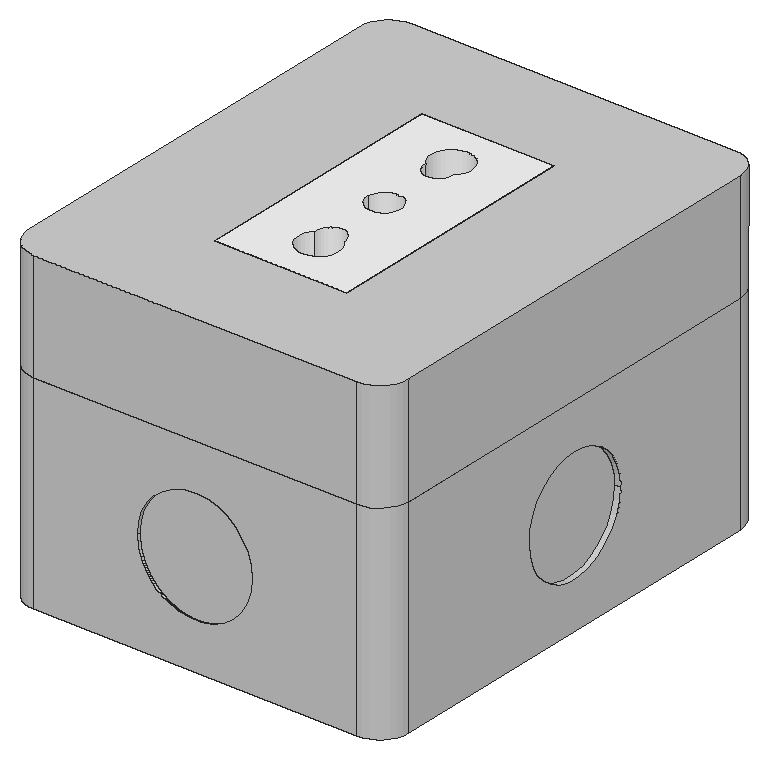
Revit family "Domotics-SerieCivili-GEWISS-27COMBI_SYSTEM-IP40_PRESA_ITA", category Apparecchi elettrici, host Superficie, Revit 2016
Family settings
  Host = Superficie
  Mantenere orientamento annotazione = Sì
  Tipo di parte = Normale
  Quota connettore circolare = Usa diametro
  Numero OmniClass = 23.80.50.14
  Titolo OmniClass = Plug Connectors
  Taglio con vuoti quando caricato = Sì
  Condiviso = Sì
  Punto di calcolo locali = No
Parameters (values of type "GW27811 - Con presa std italiano")
  Viti coperchio = "Acciaio resistente alla corrosione"
  Vista di pianta [instance] = yes
  Versione file RFA = "19.4"
  URL = "https://www.gewiss.com/it/it"
  Tipo sfondabili = "Asportabili con utensile"
  Termopressione con biglia = "70 °C"
  Tensione: = "250 V ac"
  Tensione = "230 V ac"
  Temperatura di installazione = "-25 +60 °C"
  Simbolo = SIMBOLO PRESE : PRESA
  Scheda Tecnica = "https://www.gewiss.com/it/it/search?q=GW27811"
  SEO = "Contenitore"
  SCATOLA = GEWISS GRIGIO
  Produttore = "GEWISS S.p.A."
  Offset contenitore [instance] = 0 mm
  Offset bidimensionale [instance] = Offset contenitore + 55 mm  # 55 mm
  Norma di riferimento: = "IEC 60884-1"
  N. fori Ã˜ 23 sfondabili: = "Laterali 3 / Sul fondo 1"
  N. fori Ã˜ 23 con passacavo = "1"
  Modello = "GW27811"
  Larghezza scatola = 66 mm
  Larghezza foro = 23 mm
  IFC.TypeObject = ""
  IFC.ExportType = ""
  IFC.ExportAs = ""
  IDT = "064142aa-a4a2-459b-b726-830832a9daec"
  IDF = "14dcdbdf-3b9b-43d1-8e96-c9383140a4d2"
  Grado di protezione = "IP40"
  Glow Wire Test = "650°C"
  GW - Testo elettrico = "10/16"
  Distanza orizzontale simbolo [instance] = 231.658 mm
  Distanza dal muro [instance] = 0 mm
  Default Elevation = 1219.2 mm
  Immagine tipo = GW27811.jpg
  Dimensioni BxHxP (mm) = "66x82x55"
  Dim. esterne BxHxP (mm) = "66x82x55"
  Descrizione: = "Presa 2P+T - 16 A bivalente"
  Descrizione = "PRESA STD ITA.2P+T 16A BIV.PROTETTA"
  Creato da GEWISS S.p.A. = ""
  Cornice simbolo [instance] = yes
  Coppia serraggio viti = "0,8NM"
  Colore = "Grigio RAL 7035"
  Codice Electrocod = "0131"
  Codice EAN = "8011564095397"
  Classe isolamento = "II"
  Catalogo Serie = "27COMBI"
  Catalogo = "DOMOTICS"
  Caratteristiche = "Standard Italiano"
  COBie.Tagnumber = ""
  COBie.CreatedOn = ""
  COBie.CreatebBy = ""
  COBie.ComponentRegisterItemID = ""
  COBie.Component.TagNumber = ""
  COBie.Component.Space = ""
  COBie.Component.SerialNumber = ""
  COBie.Component.InstallationDate = ""
  COBie.Component.Description = ""
  COBie.Component.BarCode = ""
  Bidimensionale = bidimensionale system contenitori IP40 : 2P
Reference planes
  plane 1 "Centro (Fronte/Retro)": y = 0
  plane 2: z = 0
  plane 3 "Centro (Sinistra/Destra)": x = 0
  plane 4 "1": z = 0
  plane 5 "piano bidimensionale": z = 55
  plane 6: x = -231.658
  plane 7: x = -11.5
  plane 8: x = 11.5
  plane 9: x = -33
  plane 10: x = 33
  plane 11: y = -41
  plane 12: y = 41
Forms (mm)
  Extrusion 1, solid, material "GEWISS GRIGIO" <- "SCATOLA", detail levels coarse
    sketch origin (0, 0, 0) x (0, -1, 0) y (1, 0, 0)
      loop
        arc (41, 28) -> (39.536, 31.536) -> (36, 33) r 5
        line (36, 33) -> (-36, 33)
        arc (-36, 33) -> (-39.536, 31.536) -> (-41, 28) r 5
        line (-41, 28) -> (-41, -28)
        arc (-41, -28) -> (-39.536, -31.536) -> (-36, -33) r 5
        line (-36, -33) -> (36, -33)
        arc (36, -33) -> (39.536, -31.536) -> (41, -28) r 5
        line (41, -28) -> (41, 28)
    from 0 to 55
Lines and regions (mm)
  Masking region 1, visible <- "Vista di pianta"
    outline origin (0, 0, 0) x (1, 0, 0) y (0, 0, 1)
      loop
        line (-33, 0) -> (33, 0) -> (33, 55) -> (-33, 55) -> (-33, 0)
  Masking region 2
    outline origin (0, 0, 0) x (1, 0, 0) y (0, 0, 1)
      loop
        line (-33, 0) -> (33, 0) -> (33, 55) -> (-33, 55) -> (-33, 0)
  Masking region 3
    outline origin (0, 0, 0) x (0, 1, 0) y (0, 0, 1)
      loop
        line (41, 0) -> (41, 55) -> (-41, 55) -> (-41, 0) -> (41, 0)
  Masking region 4, detail levels medium+fine
    outline origin (0, 0, 0.312) x (1, 0, 0) y (0, 0, 1)
      loop
        circle (0, 17.723) r 11.5
  Masking region 5, detail levels medium+fine
    outline origin (0, 0, 0) x (0, 1, 0) y (0, 0, 1)
      loop
        circle (0, 18.187) r 11.5
  model lines, detail levels coarse
    curve 1: line (11.5, 22.5, 55) -> (-11.5, 22.5, 55)
    curve 2: line (-11.5, 22.5, 55) -> (-11.5, -22.5, 55)
    curve 3: line (-11.5, -22.5, 55) -> (11.5, -22.5, 55)
    curve 4: line (11.5, -22.5, 55) -> (11.5, 22.5, 55)
    curve 5: arc (-2.41, 11.994, 55) -> (0.254, 17.963, 55) -> (2.573, 11.852, 55) r 3.536
    curve 6: arc (2.573, 11.852, 55) -> (0.005, 9.23, 55) -> (-2.41, 11.994, 55) r 2.5
    curve 7: arc (-2.942, 0, 55) -> (0, 2.942, 55) -> (2.942, 0, 55) r 2.942
    curve 8: arc (2.942, 0, 55) -> (0, -2.942, 55) -> (-2.942, 0, 55) r 2.942
    curve 9: arc (2.573, -11.852, 55) -> (0.254, -17.963, 55) -> (-2.41, -11.994, 55) r 3.536
    curve 10: arc (2.573, -11.852, 55) -> (0.005, -9.23, 55) -> (-2.41, -11.994, 55) r 2.5
  model lines, not visible, detail levels coarse
    curve 11: line (11.5, 22.5, 55) -> (-11.5, 22.5, 55)
    curve 12: line (-11.5, 22.5, 55) -> (-11.5, -22.5, 55)
    curve 13: line (-11.5, -22.5, 55) -> (11.5, -22.5, 55)
    curve 14: line (11.5, -22.5, 55) -> (11.5, 22.5, 55)
    curve 15: arc (-2.41, 11.994, 55) -> (0.254, 17.963, 55) -> (2.573, 11.852, 55) r 3.536
    curve 16: arc (2.573, 11.852, 55) -> (0.005, 9.23, 55) -> (-2.41, 11.994, 55) r 2.5
    curve 17: arc (-2.942, 0, 55) -> (0, 2.942, 55) -> (2.942, 0, 55) r 2.942
    curve 18: arc (2.942, 0, 55) -> (0, -2.942, 55) -> (-2.942, 0, 55) r 2.942
    curve 19: arc (2.573, -11.852, 55) -> (0.254, -17.963, 55) -> (-2.41, -11.994, 55) r 3.536
    curve 20: arc (2.573, -11.852, 55) -> (0.005, -9.23, 55) -> (-2.41, -11.994, 55) r 2.5
Dimensions and locks
  "Offset contenitore": plane 4 "1" to host face
  "Offset bidimensionale": plane 5 "piano bidimensionale" to plane 2
  "Distanza orizzontale simbolo": plane 3 "Centro (Sinistra/Destra)" to plane 6
  "Larghezza foro": plane 7 to plane 8
  equal spacing: plane 7, plane 3 "Centro (Sinistra/Destra)", plane 8
  "Distanza orizzontale simbolo": plane 6 to plane 3 "Centro (Sinistra/Destra)"
  equal spacing: plane 9, plane 3 "Centro (Sinistra/Destra)", plane 10
  "Larghezza scatola": plane 9 to plane 10
  equal spacing: plane 12, plane 1 "Centro (Fronte/Retro)", plane 11
  locked: plane 12 to plane 11 at 82
  aligned and locked: plane 2 to host face
  aligned and locked: level to host face
  aligned and locked: plane 6 to nested 1
  aligned and locked: plane 9 to Masking region 1 sketch curve
  aligned and locked: Masking region 1 sketch curve to plane 10
  aligned and locked: Masking region 2 sketch curve to Masking region 1  (x2)
  aligned and locked: level to Masking region 3 sketch curve
  aligned and locked: Masking region 3 sketch curve to plane 12
  aligned and locked: plane 11 to Masking region 3 sketch curve
  aligned and locked: plane 3 "Centro (Sinistra/Destra)" to nested 2
  aligned and locked: plane 3 "Centro (Sinistra/Destra)" to nested 3
  aligned and locked: plane 1 "Centro (Fronte/Retro)" to nested 3
  aligned and locked: Extrusion 1 sketch curve to nested 3  (x4)
  aligned and locked: plane 5 "piano bidimensionale" to Extrusion 1
  aligned and locked: nested 4 to plane 5 "piano bidimensionale"
Automatic sketch dimensions
  host sketch curve to host sketch curve = 2438.4 mm  (x2)
  Masking region 1 sketch curve to level = 0 mm
  Masking region 1 sketch curve to plane 5 "piano bidimensionale" = 0 mm
  Masking region 2 sketch curve to level = 0 mm
  Masking region 2 sketch curve to plane 5 "piano bidimensionale" = 0 mm
  Masking region 3 sketch curve to plane 5 "piano bidimensionale" = 0 mm
  Masking region 4 sketch curve to plane 3 "Centro (Sinistra/Destra)" = 0 mm
  level to Masking region 4 sketch curve = 18.035 mm
  Masking region 5 sketch curve to plane 1 "Centro (Fronte/Retro)" = 0 mm
  level to Masking region 5 sketch curve = 18.187 mm
  plane 10 to Extrusion 1 sketch curve = 5 mm  (x2)
  Extrusion 1 sketch curve to plane 12 = 5 mm
  Extrusion 1 sketch curve to Extrusion 1 sketch curve = 5 mm
  radius of Masking region 4 sketch curve = 11.5 mm
  radius of Masking region 5 sketch curve = 11.5 mm
Nested families
  nested 1: "SIMBOLO PRESE" at (-231.658, 83.284, 0), TESTO ELETTRICO <- "GW - Testo elettrico", Distanza dal muro <- "Distanza dal muro", BORDO ACCESO <- "Cornice simbolo", type <- "Simbolo", type "PRESA"
    with TESTO ELETTRICO "10/16", SIMBOLO yes, Distanza dal muro 0 mm, BORDO ACCESO yes
  nested 2: "SYSTEM PRESE ITA P11-17 16A_BASE" at (0, 0, 16), type "GW20203 - PRESA 2P+T 16A BIV.ST.ITAL.CON SCH.SY/WT"
  nested 3: "SYSTEM CONTENITORI IP40_BASE" at (0, 0, 0), type "GW27001 - 1 posto"
  nested 4: "bidimensionale system contenitori IP40" at (0, 0, 55), type "1P", detail levels coarse
Connectors
  cabletrayconduit at (0, -41, 18), diameter 23
    settings: on nested 3, index 1, connector width 300 mm, connector height 300 mm, connector angle 0.00°, system type 32, placement type 0, profile type 0, connector reference index -1, is primary connector yes, connector utility param no, connector description ""
  cabletrayconduit at (31.916, 0, 18), diameter 23
    settings: on nested 3, index 2, connector width 300 mm, connector height 300 mm, connector angle 0.00°, system type 32, placement type 0, profile type 0, connector reference index -1, is primary connector no, connector utility param no, connector description ""
  cabletrayconduit at (0, 41, 18), diameter 23
    settings: on nested 3, index 3, connector width 300 mm, connector height 300 mm, connector angle 0.00°, system type 32, placement type 0, profile type 0, connector reference index -1, is primary connector no, connector utility param no, connector description ""
  cabletrayconduit at (-33, 0, 18), diameter 23
    settings: on nested 3, index 4, connector width 300 mm, connector height 300 mm, connector angle 0.00°, system type 32, placement type 0, profile type 0, connector reference index -1, is primary connector no, connector utility param no, connector description ""
Definition of nested family "SYSTEM PRESE ITA P11-17 16A_BASE"
  Parameters (values of type "GW20203 - PRESA 2P+T 16A BIV.ST.ITAL.CON SCH.SY/WT")
    Struttura = none
    Pulsante = none
    Profondità supporto = 28.04 mm
    Profondità presa = 39 mm
    Larghezza presa = 23 mm
    Distanza simbolo = 30 mm
    Bidimensionale = 44.7 mm
    Altezza simbolo = 30 mm
    Altezza presa = 45 mm
  Types (4): name
    GW20203 - PRESA 2P+T 16A BIV.ST.ITAL.CON SCH.SY/WT
    GW20295 - PRESA 2P+T 16A BIV.ST.ITAL.CON SCH.RED
    GW20281 - PRESA 2P+T 16A BIV.ST.ITAL.CON SCH.GREEN
    GW20286 - PRESA 2P+T 16A BIV.ST.ITAL.CON SCH.ORANGE
  Reference planes
    plane 1 "Centro (Fronte/Retro)": y = 0
    plane 2: z = 0
    plane 3 "Centro (Sinistra/Destra)": x = 0
    plane 4: x = -11.5
    plane 5: x = 11.5
    plane 6: y = 22.5
    plane 7: y = -22.5
    plane 8: z = 28.04
    plane 9 "PIANO BIDIMENSIONALE": z = 44.7
    plane 10: z = 39
  Forms (mm)
    Extrusion 1, solid, material <- "Struttura", detail levels medium+fine
      sketch origin (0, 0, 0) x (0, 1, 0) y (0, 0, 1)
        loop
          line (22.5, 0.5) -> (22.5, 28.04) -> (-22.5, 28.04) -> (-22.5, 0.5)
          arc (-22.5, 0.5) -> (-22.354, 0.146) -> (-22, 0) r 0.5
          line (-22, 0) -> (22, 0)
          arc (22, 0) -> (22.354, 0.146) -> (22.5, 0.5) r 0.5
      from -11.5 to 11.5
    Extrusion 2, solid, material <- "Pulsante", detail levels medium+fine
      sketch origin (0, 0, 0) x (0, 1, 0) y (0, 0, 1)
        loop
          arc (-22.5, 27.54) -> (-22.354, 27.894) -> (-22, 28.04) r 0.5
          line (-22, 28.04) -> (22, 28.04)
          arc (22, 28.04) -> (22.354, 27.894) -> (22.5, 27.54) r 0.5
          line (22.5, 27.54) -> (22.5, 39) -> (-22.5, 39) -> (-22.5, 27.54)
      from -11.5 to 11.5
    Extrusion 3, void
      sketch origin (0, 0, 33.639) x (-1, 0, 0) y (0, -1, 0)
        loop
          circle (0, 0) r 2.942
        loop
          arc (2.41, -11.994) -> (-0.005, -9.23) -> (-2.573, -11.852) r 2.5
          arc (-2.573, -11.852) -> (-0.254, -17.963) -> (2.41, -11.994) r 3.536
        loop
          arc (-2.573, 11.852) -> (-0.005, 9.23) -> (2.41, 11.994) r 2.5
          arc (2.41, 11.994) -> (-0.254, 17.963) -> (-2.573, 11.852) r 3.536
      from -5.599 to 5.361
  Cuts and joins
    Extrusion 3 cuts Extrusion 2
  Lines and regions (mm)
    Masking region 1
      outline origin (0, 0, 44.7) x (0, -1, 0) y (1, 0, 0)
        loop
          line (-22.5, -11.5) -> (22.5, -11.5) -> (22.5, 11.5) -> (-22.5, 11.5) -> (-22.5, -11.5)
        loop
          arc (-11.852, 2.573) -> (-17.963, 0.254) -> (-11.994, -2.41) r 3.536
          arc (-11.994, -2.41) -> (-9.23, 0.005) -> (-11.852, 2.573) r 2.5
        loop
          circle (0, 0) r 2.942
        loop
          arc (11.852, 2.573) -> (9.23, 0.005) -> (11.994, -2.41) r 2.5
          arc (11.994, -2.41) -> (17.963, 0.254) -> (11.852, 2.573) r 3.536
  Dimensions and locks
    equal spacing: plane 4, plane 3 "Centro (Sinistra/Destra)", plane 5
    "Larghezza presa": plane 4 to plane 5
    equal spacing: plane 6, plane 1 "Centro (Fronte/Retro)", plane 7
    "Altezza presa": plane 6 to plane 7
    "Bidimensionale": plane 9 "PIANO BIDIMENSIONALE" to plane 2
    "Profondità presa": plane 10 to plane 2
    "Profondità supporto": plane 8 to plane 2
    aligned and locked: level to plane 2
    aligned and locked: plane 8 to Extrusion 1
    aligned and locked: Extrusion 3 to Extrusion 1
    aligned and locked: plane 6 to Extrusion 1
    aligned and locked: Extrusion 1 to plane 7
    aligned and locked: Extrusion 1 to plane 4
    aligned and locked: plane 10 to Extrusion 3
    aligned and locked: Extrusion 2 to Extrusion 3
    aligned and locked: Extrusion 2 to Extrusion 1
    aligned and locked: plane 7 to Masking region 1 sketch curve
    aligned and locked: Masking region 1 sketch curve to plane 5
    aligned and locked: plane 4 to Masking region 1 sketch curve
    aligned and locked: Masking region 1 sketch curve to plane 6
  Automatic sketch dimensions
    Extrusion 1 sketch curve to level = 0 mm
    level to Extrusion 1 sketch curve = 0.5 mm
    plane 7 to Extrusion 1 sketch curve = 0 mm
    Extrusion 1 sketch curve to Extrusion 1 sketch curve = 0.5 mm
    Extrusion 2 sketch curve to plane 7 = 0 mm
    Extrusion 2 sketch curve to plane 6 = 0 mm
    Extrusion 2 sketch curve to Extrusion 2 sketch curve = 0.5 mm  (x2)
    Extrusion 1 sketch curve to plane 6 = 0 mm
    plane 1 "Centro (Fronte/Retro)" to Extrusion 3 sketch curve = 0 mm
    Extrusion 3 sketch curve to plane 3 "Centro (Sinistra/Destra)" = 0 mm
    plane 3 "Centro (Sinistra/Destra)" to Extrusion 3 sketch curve = 0.076 mm  (x2)
    plane 3 "Centro (Sinistra/Destra)" to Extrusion 3 sketch curve = 0.153 mm  (x2)
    Extrusion 3 sketch curve to plane 6 = 10.771 mm
    Extrusion 3 sketch curve to Extrusion 3 sketch curve = 2.701 mm  (x2)
    Extrusion 3 sketch curve to Extrusion 3 sketch curve = 2.497 mm  (x2)
    Extrusion 3 sketch curve to plane 3 "Centro (Sinistra/Destra)" = 2.41 mm  (x2)
    plane 7 to Extrusion 3 sketch curve = 10.771 mm
    Extrusion 1 sketch curve to plane 8 = 0 mm
    plane 8 to Extrusion 2 sketch curve = 0 mm
    plane 8 to Extrusion 2 sketch curve = 10.96 mm
    plane 3 "Centro (Sinistra/Destra)" to Masking region 1 sketch curve = 0.153 mm  (x2)
    Masking region 1 sketch curve to plane 6 = 8.071 mm
    plane 3 "Centro (Sinistra/Destra)" to Masking region 1 sketch curve = 0.076 mm  (x2)
    Masking region 1 sketch curve to Masking region 1 sketch curve = 2.701 mm  (x2)
    Masking region 1 sketch curve to Masking region 1 sketch curve = 0.265 mm
    Masking region 1 sketch curve to Masking region 1 sketch curve = 0.123 mm  (x2)
    plane 1 "Centro (Fronte/Retro)" to Masking region 1 sketch curve = 0 mm
    Masking region 1 sketch curve to plane 3 "Centro (Sinistra/Destra)" = 0 mm
    Masking region 1 sketch curve to plane 3 "Centro (Sinistra/Destra)" = 2.942 mm
    plane 7 to Masking region 1 sketch curve = 10.771 mm
    Masking region 1 sketch curve to plane 3 "Centro (Sinistra/Destra)" = 2.41 mm
    radius of Extrusion 3 sketch curve = 2.942 mm
Definition of nested family "SYSTEM CONTENITORI IP40_BASE"
  Parameters (values of type "GW27001 - 1 posto")
    SCATOLA = none
    PRESA = none
    Profondità scatola = 55 mm  # constant formula
    Larghezza scatola = 66 mm
    Larghezza foro = 23 mm
    Bidimensionale = 70 mm
    Altezza scatola = 82 mm
  Types (4, lengths in mm): name | Larghezza scatola | Larghezza foro
    GW27001 - 1 posto | 66 | 23
    GW27002 - 2 posti | 66 | 46
    GW27003 - 3 posti | 99 | 69
    GW27004 - 4 posti | 132 | 92
  Reference planes
    plane 1 "Centro (Fronte/Retro)": y = 0
    plane 2: z = 0
    plane 3 "Centro (Sinistra/Destra)": x = 0
    plane 4: y = -41
    plane 5: y = 41
    plane 6: x = -33
    plane 7: x = 33
    plane 8 "PIANO BIDIMENSIONALE": z = 70
    plane 9: z = 55
    plane 10: x = -11.5
    plane 11: x = 11.5
    plane 12: y = 22.5
    plane 13: y = -22.5
  Forms (mm)
    Extrusion 1, solid, material <- "SCATOLA", detail levels medium+fine
      sketch origin (0, 0, 66) x (0, -1, 0) y (1, 0, 0)
        loop
          arc (-41, -28) -> (-39.536, -31.536) -> (-36, -33) r 5
          line (-36, -33) -> (36, -33)
          arc (36, -33) -> (39.536, -31.536) -> (41, -28) r 5
          line (41, -28) -> (41, 28)
          arc (41, 28) -> (39.536, 31.536) -> (36, 33) r 5
          line (36, 33) -> (-36, 33)
          arc (-36, 33) -> (-39.536, 31.536) -> (-41, 28) r 5
          line (-41, 28) -> (-41, -28)
        loop
          line (39, -28) -> (39, 28)
          arc (39, 28) -> (38.121, 30.121) -> (36, 31) r 3
          line (36, 31) -> (-36, 31)
          arc (-36, 31) -> (-38.121, 30.121) -> (-39, 28) r 3
          line (-39, 28) -> (-39, -28)
          arc (-39, -28) -> (-38.121, -30.121) -> (-36, -31) r 3
          line (-36, -31) -> (36, -31)
          arc (36, -31) -> (38.121, -30.121) -> (39, -28) r 3
      from -66 to -30
    Extrusion 2, solid, material <- "SCATOLA", detail levels medium+fine
      sketch origin (0, 0, 0) x (1, 0, 0) y (0, 0, 1)
        loop
          circle (0, 18) r 16
      from -43 to -41
    Extrusion 3, solid, material <- "SCATOLA", detail levels medium+fine
      sketch origin (0, 41, 0) x (-1, 0, 0) y (0, 0, 1)
        loop
          circle (0, 18) r 13
      from 5 to 3
    Extrusion 4, solid, material <- "SCATOLA", detail levels medium+fine
      sketch origin (0, 41, 0) x (-1, 0, 0) y (0, 0, 1)
        loop
          circle (0, 18) r 10
      from 8 to 6
    Extrusion 5, solid, material <- "SCATOLA", detail levels medium+fine
      sketch origin (0, 41, 0) x (-1, 0, 0) y (0, 0, 1)
        loop
          circle (0, 18) r 3
      from 2 to 6
    Extrusion 6, void, detail levels medium+fine
      sketch origin (0, 0, 0) x (0, 1, 0) y (0, 0, 1)
        loop
          circle (0, 18) r 10
      from 31.916 to 33
    Extrusion 7, void, detail levels medium+fine
      sketch origin (0, 0, 0) x (1, 0, 0) y (0, 0, 1)
        loop
          circle (0, 18) r 10
      from 40.592 to 41
    Extrusion 8, void, detail levels medium+fine
      sketch origin (0, 0, 0) x (0, 1, 0) y (0, 0, -1)
        loop
          circle (0, -18) r 11.5
      from 31.754 to 33
    Extrusion 9, void, detail levels medium+fine
      sketch origin (0, 0, 0) x (1, 0, 0) y (0, 0, -1)
        loop
          circle (0, -18) r 10
      from 40.592 to 41
    Extrusion 10, solid, material <- "SCATOLA", detail levels medium+fine
      sketch origin (0, 0, 70) x (-1, 0, 0) y (0, -1, 0)
        loop
          arc (28, -41) -> (31.536, -39.536) -> (33, -36) r 5
          line (33, -36) -> (33, 36)
          arc (33, 36) -> (31.536, 39.536) -> (28, 41) r 5
          line (28, 41) -> (-28, 41)
          arc (-28, 41) -> (-31.536, 39.536) -> (-33, 36) r 5
          line (-33, 36) -> (-33, -36)
          arc (-33, -36) -> (-31.536, -39.536) -> (-28, -41) r 5
          line (-28, -41) -> (28, -41)
        loop
          line (-11.5, 22.5) -> (-11.5, -22.5) -> (11.5, -22.5) -> (11.5, 22.5) -> (-11.5, 22.5)
      from -34 to -15
    Extrusion 11, solid, material <- "SCATOLA", detail levels medium+fine
      sketch origin (0, 0, 0) x (1, 0, 0) y (0, 1, 0)
        loop
          line (-31, 36) -> (-31, -36)
          arc (-31, -36) -> (-30.121, -38.121) -> (-28, -39) r 3
          line (-28, -39) -> (28, -39)
          arc (28, -39) -> (30.121, -38.121) -> (31, -36) r 3
          line (31, -36) -> (31, 36)
          arc (31, 36) -> (30.121, 38.121) -> (28, 39) r 3
          line (28, 39) -> (-28, 39)
          arc (-28, 39) -> (-30.121, 38.121) -> (-31, 36) r 3
      from 0 to 2
  Cuts and joins
    Extrusion 6, Extrusion 7, Extrusion 8, Extrusion 9 cuts Extrusion 1
  Lines and regions (mm)
    Masking region 1
      outline origin (0, 0, 70) x (-1, 0, 0) y (0, -1, 0)
        loop
          circle (-28, -36) r 2
        loop
          line (11.5, -22.5) -> (11.5, 22.5) -> (-11.5, 22.5) -> (-11.5, -22.5) -> (11.5, -22.5)
        loop
          line (33, -36) -> (33, 36)
          arc (33, 36) -> (31.536, 39.536) -> (28, 41) r 5
          line (28, 41) -> (-28, 41)
          arc (-28, 41) -> (-31.536, 39.536) -> (-33, 36) r 5
          line (-33, 36) -> (-33, -36)
          arc (-33, -36) -> (-31.536, -39.536) -> (-28, -41) r 5
          line (-28, -41) -> (28, -41)
          arc (28, -41) -> (31.536, -39.536) -> (33, -36) r 5
        loop
          circle (28, 36) r 2
    Masking region 2
      outline origin (0, 0, 70) x (-1, 0, 0) y (0, -1, 0)
        loop
          circle (-28, -36) r 2
        loop
          circle (28, 36) r 2
  Dimensions and locks
    equal spacing: plane 4, plane 1 "Centro (Fronte/Retro)", plane 5
    plane 4 to plane 5 = 82 mm
    equal spacing: plane 6, plane 3 "Centro (Sinistra/Destra)", plane 7
    "Larghezza scatola": plane 6 to plane 7
    equal spacing: plane 5, plane 1 "Centro (Fronte/Retro)", plane 4
    "Altezza scatola": plane 5 to plane 4
    "Bidimensionale": plane 8 "PIANO BIDIMENSIONALE" to level
    "Profondità scatola": plane 9 to plane 2
    equal spacing: plane 12, plane 1 "Centro (Fronte/Retro)", plane 13
    "Larghezza foro": plane 10 to plane 11
    equal spacing: plane 10, plane 3 "Centro (Sinistra/Destra)", plane 11
    locked: cut or joined group of Extrusion 1, Extrusion 6, Extrusion 7, Extrusion 8, Extrusion 9 to Extrusion 10 at 1.084
    locked: Extrusion 10 to cut or joined group of Extrusion 1, Extrusion 6, Extrusion 7, Extrusion 8, Extrusion 9 at 1.246
    aligned and locked: level to plane 2
    aligned and locked: Extrusion 5 to Extrusion 2
    aligned and locked: Extrusion 5 to Extrusion 4
    aligned and locked: Extrusion 1 to Extrusion 8
    aligned and locked: Masking region 1 to plane 12
    aligned and locked: plane 10 to Masking region 1
    aligned and locked: Masking region 1 to plane 11
    aligned and locked: plane 13 to Masking region 1
    aligned and locked: Extrusion 10 sketch curve to cut or joined group of Extrusion 1, Extrusion 6, Extrusion 7, Extrusion 8, Extrusion 9  (x4)
    aligned and locked: Extrusion 10 sketch curve to Masking region 1  (x4)
    aligned and locked: Extrusion 10 to cut or joined group of Extrusion 1, Extrusion 6, Extrusion 7, Extrusion 8, Extrusion 9
    aligned and locked: Extrusion 10 to plane 6
    aligned and locked: plane 7 to Extrusion 10
    aligned and locked: Extrusion 11 sketch curve to cut or joined group of Extrusion 1, Extrusion 6, Extrusion 7, Extrusion 8, Extrusion 9  (x4)
    aligned and locked: plane 7 to Extrusion 6
    aligned and locked: cut or joined group of Extrusion 1, Extrusion 6, Extrusion 7, Extrusion 8, Extrusion 9 to plane 2
  Automatic sketch dimensions
    Extrusion 1 sketch curve to plane 5 = 0 mm
    Extrusion 1 sketch curve to plane 6 = 0 mm
    Extrusion 1 sketch curve to plane 7 = 0 mm
    Extrusion 1 sketch curve to plane 4 = 0 mm
    Extrusion 1 sketch curve to Extrusion 1 sketch curve = 5 mm  (x2)
    plane 4 to Extrusion 1 sketch curve = 5 mm  (x2)
    Extrusion 2 sketch curve to plane 3 "Centro (Sinistra/Destra)" = 0 mm
    level to Extrusion 2 sketch curve = 18 mm
    Extrusion 3 sketch curve to plane 3 "Centro (Sinistra/Destra)" = 0 mm
    level to Extrusion 3 sketch curve = 18 mm
    Extrusion 4 sketch curve to plane 3 "Centro (Sinistra/Destra)" = 0 mm
    level to Extrusion 4 sketch curve = 18 mm
    Extrusion 5 sketch curve to plane 3 "Centro (Sinistra/Destra)" = 0 mm
    level to Extrusion 5 sketch curve = 18 mm
    Extrusion 6 sketch curve to plane 1 "Centro (Fronte/Retro)" = 0 mm
    level to Extrusion 6 sketch curve = 18 mm
    Extrusion 7 sketch curve to plane 3 "Centro (Sinistra/Destra)" = 0 mm
    level to Extrusion 7 sketch curve = 18 mm
    Extrusion 8 sketch curve to plane 1 "Centro (Fronte/Retro)" = 0 mm
    level to Extrusion 8 sketch curve = 18 mm
    Extrusion 9 sketch curve to plane 3 "Centro (Sinistra/Destra)" = 0 mm
    level to Extrusion 9 sketch curve = 18 mm
    Masking region 1 sketch curve to Masking region 1 sketch curve = 0 mm  (x4)
    Masking region 1 sketch curve to plane 7 = 0 mm
    Masking region 1 sketch curve to plane 5 = 0 mm
    Masking region 1 sketch curve to plane 4 = 0 mm
    Masking region 1 sketch curve to plane 6 = 0 mm
    Masking region 1 sketch curve to plane 7 = 5 mm
    plane 4 to Masking region 1 sketch curve = 5 mm
    Masking region 1 sketch curve to plane 7 = 21.5 mm
    plane 6 to Masking region 1 sketch curve = 5 mm
    Masking region 1 sketch curve to plane 5 = 5 mm
    Masking region 1 sketch curve to Masking region 1 sketch curve = 13.5 mm  (x2)
    Masking region 1 sketch curve to Masking region 1 sketch curve = 2 mm
    plane 6 to Masking region 1 sketch curve = 21.5 mm
    Extrusion 10 sketch curve to Extrusion 10 sketch curve = 5 mm
    plane 4 to Extrusion 10 sketch curve = 5 mm  (x2)
    Extrusion 10 sketch curve to plane 7 = 5 mm
    Extrusion 1 sketch curve to Extrusion 1 sketch curve = 0 mm  (x7)
    Extrusion 1 sketch curve to Extrusion 1 sketch curve = 2 mm
    Extrusion 11 sketch curve to Extrusion 11 sketch curve = 3 mm  (x2)
    Extrusion 11 sketch curve to plane 7 = 5 mm  (x2)
    Masking region 2 sketch curve to plane 7 = 5 mm
    Masking region 2 sketch curve to plane 5 = 5 mm
    Masking region 2 sketch curve to Masking region 2 sketch curve = 2 mm  (x2)
    Masking region 2 sketch curve to Masking region 2 sketch curve = 0 mm  (x2)
    plane 6 to Masking region 2 sketch curve = 5 mm
    plane 4 to Masking region 2 sketch curve = 5 mm
    radius of Extrusion 2 sketch curve = 16 mm
    radius of Extrusion 3 sketch curve = 13 mm
    radius of Extrusion 4 sketch curve = 10 mm
    radius of Extrusion 5 sketch curve = 3 mm
    radius of Extrusion 6 sketch curve = 10 mm
    radius of Extrusion 7 sketch curve = 10 mm
    radius of Extrusion 8 sketch curve = 11.5 mm
    radius of Extrusion 9 sketch curve = 10 mm
    radius of Masking region 1 sketch curve = 2 mm
Definition of nested family "SIMBOLO PRESE"
  Parameters (values of type "PRESA")
    TESTO ELETTRICO [instance] = "TXT"
    Simbolo = SIMBOLO PRESE_BASE : PRESA
    SIMBOLO [instance] = yes
    Distanza dal muro [instance] = 4.208 mm
    BORDO ACCESO [instance] = yes
  Reference planes
    plane 1: y = 0
    plane 2: x = 0
  Dimensions and locks
    "Distanza dal muro": plane 1 to nested 1
  Nested families
    nested 1: "SIMBOLO PRESE_BASE" at (0, 4.208, 0), type <- "Simbolo", TESTO ELETTRICO <- "TESTO ELETTRICO", BORDO ACCESO <- "BORDO ACCESO", visible <- "SIMBOLO", type "PRESA"
      with TESTO ELETTRICO "TXT", BORDO ACCESO yes
  Definition of nested family "SIMBOLO PRESE_BASE"
    Parameters (values of type "PRESA")
      TESTO ELETTRICO [instance] = "TXT"
      Distanza dal muro = 4.208 mm
      BORDO ACCESO [instance] = yes
    Reference planes
      plane 1: y = 0
      plane 2: x = 0
    Lines and regions (mm)
      detail lines, visible <- "BORDO ACCESO"
        curve 1: line (-1, 2.5, 0) -> (1, 2.5, 0)
        curve 2: line (1, 2.5, 0) -> (1, 0, 0)
        curve 3: line (1, 0, 0) -> (-1, 0, 0)
        curve 4: line (-1, 0, 0) -> (-1, 2.5, 0)
        curve 5: line (-0.9, 2.4, 0) -> (0.9, 2.4, 0)
        curve 6: line (0.9, 2.4, 0) -> (0.9, 0.1, 0)
        curve 7: line (0.9, 0.1, 0) -> (-0.9, 0.1, 0)
        curve 8: line (-0.9, 0.1, 0) -> (-0.9, 2.4, 0)
      detail lines, visible <- "BORDO ACCESO", not visible
        curve 9: line (-1.743, 9.208, 0) -> (2.057, 9.208, 0)
        curve 10: line (2.057, 9.208, 0) -> (2.057, 4.208, 0)
        curve 11: line (2.057, 4.208, 0) -> (-1.743, 4.208, 0)
        curve 12: line (-1.743, 4.208, 0) -> (-1.743, 9.208, 0)
        curve 13: line (-1.543, 9.008, 0) -> (1.857, 9.008, 0)
        curve 14: line (1.857, 9.008, 0) -> (1.857, 4.408, 0)
        curve 15: line (1.857, 4.408, 0) -> (-1.543, 4.408, 0)
        curve 16: line (-1.543, 4.408, 0) -> (-1.543, 9.008, 0)
      detail lines
        curve 17: line (0.783, 1.133, 0) -> (-0.783, 1.133, 0)
        curve 18: line (0, 1.133, 0) -> (0, 0.349, 0)
        curve 19: arc (-0.783, 1.916, 0) -> (0, 1.133, 0) -> (0.783, 1.916, 0) r 0.783
    Text (mm)
      label "TXT" at (0.016, 1.578, 0), shows "TESTO ELETTRICO"
    Dimensions and locks
      aligned and locked: curve 3 to plane 1
Definition of nested family "bidimensionale system contenitori IP40"
  Parameters (values of type "1P")
    Larghezza scatola = 66 mm
    Larghezza foro = 23 mm
    Altezza scatola = 82 mm
  Types (4, lengths in mm): name | Larghezza scatola | Larghezza foro
    1P | 66 | 23
    2P | 66 | 46
    3P | 99 | 69
    4P | 132 | 92
  Reference planes
    plane 1 "Centro (Fronte/Retro)": y = 0
    plane 2: z = 0
    plane 3 "Centro (Sinistra/Destra)": x = 0
    plane 4: x = -33
    plane 5: x = 33
    plane 6: y = 41
    plane 7: y = -41
    plane 8: x = 11.5
    plane 9: x = -11.5
    plane 10: y = 22.5
    plane 11: y = -22.5
  Lines and regions (mm)
    model lines
      curve 1: arc (-28, 41, 0) -> (-31.536, 39.536, 0) -> (-33, 36, 0) r 5
      curve 2: line (-33, 36, 0) -> (-33, -36, 0)
      curve 3: arc (-33, -36, 0) -> (-31.536, -39.536, 0) -> (-28, -41, 0) r 5
      curve 4: line (-28, -41, 0) -> (28, -41, 0)
      curve 5: arc (28, -41, 0) -> (31.536, -39.536, 0) -> (33, -36, 0) r 5
      curve 6: line (33, -36, 0) -> (33, 36, 0)
      curve 7: arc (33, 36, 0) -> (31.536, 39.536, 0) -> (28, 41, 0) r 5
      curve 8: line (28, 41, 0) -> (-28, 41, 0)
      curve 9: circle (-28, -36, 0) r 2 normal (0, 0, 1)
      curve 10: line (11.5, -22.5, 0) -> (-11.5, -22.5, 0)
      curve 11: line (-11.5, -22.5, 0) -> (-11.5, 22.5, 0)
      curve 12: line (-11.5, 22.5, 0) -> (-11.5, 23.5, 0)
      curve 13: arc (-11.5, 23.5, 0) -> (-10.914, 24.914, 0) -> (-9.5, 25.5, 0) r 2
      curve 14: line (-9.5, 25.5, 0) -> (9.5, 25.5, 0)
      curve 15: arc (9.5, 25.5, 0) -> (10.914, 24.914, 0) -> (11.5, 23.5, 0) r 2
      curve 16: line (11.5, 23.5, 0) -> (11.5, 22.5, 0)
      curve 17: line (11.5, 22.5, 0) -> (11.5, -22.5, 0)
      curve 18: line (-11.5, 22.5, 0) -> (11.5, 22.5, 0)
      curve 19: circle (28, 36, 0) r 2 normal (0, 0, 1)
  Dimensions and locks
    equal spacing: plane 6, plane 1 "Centro (Fronte/Retro)", plane 7
    equal spacing: plane 4, plane 3 "Centro (Sinistra/Destra)", plane 5
    "Altezza scatola": plane 6 to plane 7
    "Larghezza scatola": plane 4 to plane 5
    equal spacing: plane 9, plane 3 "Centro (Sinistra/Destra)", plane 8
    "Larghezza foro": plane 9 to plane 8
    equal spacing: plane 10, plane 1 "Centro (Fronte/Retro)", plane 11
    plane 10 to plane 11 = 45 mm
    aligned and locked: level to plane 2
    aligned and locked: plane 9 to curve 11
    aligned and locked: curve 17 to plane 8
    aligned and locked: curve 2 to plane 4
    aligned and locked: plane 5 to curve 6
    aligned and locked: plane 6 to curve 8
    aligned and locked: curve 4 to plane 7
    aligned and locked: curve 18 to plane 10
    aligned and locked: plane 11 to curve 10
  Automatic sketch dimensions
    curve 2 to curve 3 = 5 mm
    curve 2 to curve 1 = 5 mm
    curve 4 to plane 5 = 5 mm
    curve 8 to plane 5 = 5 mm
    curve 3 to curve 9 = 0 mm  (x2)
    curve 13 to curve 13 = 2 mm
    curve 15 to curve 16 = 2 mm
    curve 11 to curve 13 = 1 mm
    curve 7 to curve 19 = 0 mm  (x2)
    radius of curve 9 = 2 mm
    radius of curve 19 = 2 mm
